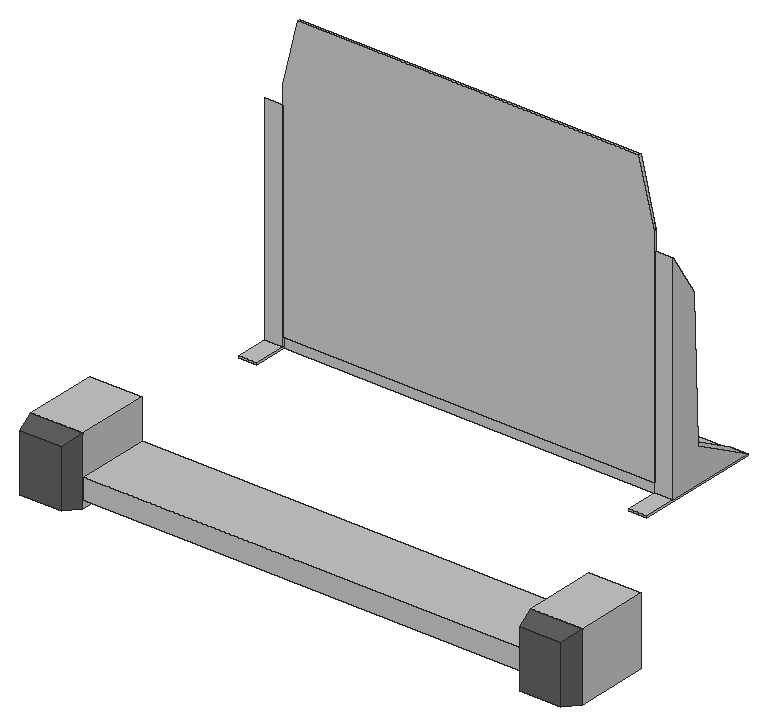
Revit family "Levelers_Kelley_LoadHog", category Generic Models, host Floor, Revit 2026
Family settings
  Host = Floor
  Can host rebar = No
  Round Connector Dimension = Use Diameter
  Part Type = Normal
  Always vertical = Yes
  Cut with Voids When Loaded = No
  Maintain Annotation Orientation = No
  Shared = No
  Room Calculation Point = No
Parameters (values of type "6'")
  Width = 5' - 11 1/2"
  URL = "www.theloadhog.com"
  Model = "LoadHog"
  Manufacturer = "Entrematic"
  Description = "Vertical Stored Dock Board"
  Default Elevation = 0' - 0"
Types (4): name | Width
  (no name) | 5' - 11 1/2"
  6' | 5' - 11 1/2"
  6.5' | 6' - 5 1/2"
  7' | 6' - 11 1/4"
Reference planes (in)
  plane 1 "Center (Front/Back)": y = 0
  plane 2: z = 0
  plane 3 "Center (Left/Right)": x = 0
  plane 4 "Edge Of Dock": y = -60
  plane 5: y = -41.4375
  plane 6: x = -43
  plane 7: x = -53
  plane 8: x = 43
  plane 9: x = 53
  plane 10: z = -13
  plane 11: y = -74
  plane 12: z = -7.5
  plane 13: z = -11.5
  plane 14: x = -44
  plane 15: z = -1
  plane 16: z = -12
  plane 17: x = -52
  plane 18: y = -78
  plane 19: x = 44
  plane 20: z = -1
  plane 21: z = -12
  plane 22: x = 52
  plane 23: x = -39.25
  plane 24: x = -35.75
  plane 25: x = 39.25
  plane 26: x = 35.75
  plane 27: y = -17.1875
  plane 28: y = -35.1875
  plane 29: y = -34.8125
  plane 30: z = 2
  plane 31: z = 41.5
  plane 32: z = 45.5
  plane 33: z = 57.5
  plane 34: x = -32.75
  plane 35: x = 32.75
  plane 36: z = 0.375
  plane 37: z = 42
  plane 38: z = 34
  plane 39: y = -30.1875
  plane 40: y = -29.1875
  plane 41: z = 7
  plane 42: through (180, -17.1875, 0.375) normal (0, -0.4833, -0.8754)
  plane 43: through (180, -29.1875, 7) normal (0, -0.9993, -0.037)
  plane 44: through (180, -35.1875, 42) normal (0, 0.848, 0.53)
Forms (in)
  Extrusion 1, solid, material "Serco Gray"
    sketch origin (0, 0, 0) x (1, 0, 0) y (0, 0, 1)
      loop
        line (-53, 0) -> (-53, -13) -> (-43, -13) -> (-43, 0) -> (-53, 0)
      loop
        line (43, 0) -> (43, -13) -> (53, -13) -> (53, 0) -> (43, 0)
    from 60 to 74
  Extrusion 2, solid, material "Serco Diamond"
    sketch origin (0, 0, 0) x (1, 0, 0) y (0, 0, 1)
      loop
        line (-43, -7.5) -> (-43, -11.5) -> (43, -11.5) -> (43, -7.5) -> (-43, -7.5)
    from 60 to 74
  Blend 3, solid, material "Bumper"
    base sketch origin (0, 0, 0) x (1, 0, 0) y (0, 0, 1)
      loop
        line (-53, 0) -> (-53, -13) -> (-43, -13) -> (-43, 0) -> (-53, 0)
    top sketch origin (0, 0, 0) x (1, 0, 0) y (0, 0, 1)
      loop
        line (-52, -1) -> (-52, -12) -> (-44, -12) -> (-44, -1) -> (-52, -1)
    from 74 to 78
  Blend 4, solid, material "Bumper"
    base sketch origin (0, 0, 0) x (-1, 0, 0) y (0, 0, -1)
      loop
        line (-53, 0) -> (-43, 0) -> (-43, 13) -> (-53, 13) -> (-53, 0)
    top sketch origin (0, 0, 0) x (-1, 0, 0) y (0, 0, -1)
      loop
        line (-52, 1) -> (-44, 1) -> (-44, 12) -> (-52, 12) -> (-52, 1)
    from 74 to 78
  Extrusion 5, solid, material "Serco Gray"
    sketch origin (0, 0, 0) x (1, 0, 0) y (0, 1, 0)
      loop
        line (-39.25, -17.1875) -> (-39.25, -41.4375) -> (-35.75, -41.4375) -> (-35.75, -17.1875) -> (-39.25, -17.1875)
      loop
        line (35.75, -17.1875) -> (35.75, -41.4375) -> (39.25, -41.4375) -> (39.25, -17.1875) -> (35.75, -17.1875)
    from 0 to 0.375
  Extrusion 6, solid, material "Serco Diamond"
    sketch origin (0, 0, 0) x (0, 1, 0) y (0, 0, 1)
      loop
        line (-34.8125, 2) -> (-34.8125, 0) -> (-17.1875, 0) -> (-34.8125, 2)
    from -35.75 to 35.75
  Extrusion 7, solid, material "Serco Diamond"
    sketch origin (0, 0, 0) x (1, 0, 0) y (0, 0, 1)
      loop
        line (-35.75, 2) -> (35.75, 2) -> (35.75, 45.5) -> (32.75, 57.5) -> (-32.75, 57.5) -> (-35.75, 45.5) -> (-35.75, 2)
    from 34.8125 to 35.1875
  Extrusion 8, solid, material "Serco Gray"
    sketch origin (0, 0, 0) x (0, 1, 0) y (0, 0, 1)
      loop
        line (-17.1875, 0.375) -> (-29.1875, 7) -> (-30.1875, 34) -> (-35.1875, 42) -> (-35.1875, 0.375) -> (-17.1875, 0.375)
    from 35.75 to 39.25
  Extrusion 9, solid, material "Serco Gray"
    sketch origin (0, 0, 0) x (0, 1, 0) y (0, 0, -1)
      loop
        line (-17.1875, -0.375) -> (-35.1875, -0.375) -> (-35.1875, -42) -> (-30.1875, -34) -> (-29.1875, -7) -> (-17.1875, -0.375)
    from 35.75 to 39.25
Lines and regions (in)
  model lines
    curve 1: line (35.75, -34.8125, 41.5) -> (-35.75, -34.8125, 41.5)
    curve 2: line (-35.75, -34.8125, 41.5) -> (35.75, -34.8125, 41.5)
    curve 3: line (-35.75, -35.1875, 41.5) -> (35.75, -35.1875, 41.5)
Dimensions and locks (in)
  equal spacing: host sketch curve, plane 1 "Center (Front/Back)", host sketch curve
  equal spacing: host sketch curve, plane 3 "Center (Left/Right)", host sketch curve
  host sketch curve to host sketch curve = 10' - 0"  (x2)
  locked: plane 5 to plane 4 "Edge Of Dock" at 18.5625
  equal spacing: plane 8, plane 3 "Center (Left/Right)", plane 6, locked at 43 each
  locked: plane 8 to plane 6 at 86
  locked: plane 10 to plane 2 at 13
  locked: plane 9 to plane 8 at 10
  locked: plane 7 to plane 6 at 10
  Extrusion 1 sketch curve to Extrusion 1 sketch curve = 0' - 10"
  plane 11 to plane 4 "Edge Of Dock" = 1' - 2"
  locked: level to plane 12 at 7.5
  locked: plane 12 to plane 13 at 4
  plane 17 to Extrusion 1 = 0' - 1"
  Extrusion 1 to plane 14 = 0' - 1"
  plane 16 to Extrusion 1 = 0' - 1"
  Extrusion 1 to plane 15 = 0' - 1"
  locked: plane 11 to plane 18 at 4
  equal spacing: plane 24, plane 3 "Center (Left/Right)", plane 26
  "Width": plane 24 to plane 26
  locked: plane 26 to plane 25 at 3.5
  locked: plane 23 to plane 24 at 3.5
  locked: plane 27 to plane 5 at 24.25
  locked: plane 5 to plane 28 at 6.25
  locked: plane 28 to plane 29 at 0.375
  locked: plane 30 to plane 2 at 2
  plane 30 to plane 31 to plane 32 = 3' - 3 1/2" locked, 0' - 4" locked
  locked: plane 32 to plane 33 at 12
  locked: plane 24 to plane 34 at 3
  locked: plane 35 to plane 26 at 3
  locked: plane 36 to Extrusion 5 at 0.375
  locked: plane 37 to plane 38 at 8
  locked: plane 38 to level at 34
  plane 39 to plane 40 to plane 27 = 0' - 1" locked, 1' - 0" locked
  locked: plane 41 to level at 7
  locked: plane 42 to plane 30 (angle 28.9024°)
  locked: plane 40 to plane 43 (angle 2.1211°)
  locked: plane 44 to plane 37 (angle 57.9946°)
  aligned and locked: level to plane 2
  aligned and locked: plane 4 "Edge Of Dock" to host floor
  aligned and locked: Extrusion 1 sketch curve to level  (x2)
  aligned and locked: plane 7 to Extrusion 1 sketch curve
  aligned and locked: plane 10 to Extrusion 1 sketch curve  (x2)
  aligned and locked: Extrusion 1 sketch curve to plane 6
  aligned and locked: plane 8 to Extrusion 1 sketch curve
  aligned and locked: plane 4 "Edge Of Dock" to Extrusion 1
  aligned and locked: Extrusion 1 to plane 11
  aligned and locked: Extrusion 2 sketch curve to plane 12
  aligned and locked: plane 6 to Extrusion 2 sketch curve
  aligned and locked: plane 13 to Extrusion 2 sketch curve
  aligned and locked: Extrusion 2 sketch curve to plane 8
  aligned and locked: Extrusion 2 to plane 11
  aligned and locked: plane 4 "Edge Of Dock" to Extrusion 2
  aligned and locked: plane 7 to Blend 3 sketch curve
  aligned and locked: Blend 3 sketch curve to plane 15
  aligned and locked: Blend 3 sketch curve to plane 14
  aligned and locked: plane 16 to Blend 3 sketch curve
  aligned and locked: plane 17 to Blend 3 sketch curve
  aligned and locked: plane 11 to Blend 3
  aligned and locked: Blend 3 to plane 18
  aligned and locked: plane 20 to Blend 4 sketch curve
  aligned and locked: plane 19 to Blend 4 sketch curve
  aligned and locked: Blend 4 sketch curve to plane 21
  aligned and locked: Blend 4 sketch curve to plane 22
  aligned and locked: plane 11 to Blend 4
  aligned and locked: Blend 4 to plane 18
  aligned and locked: plane 8 to Blend 4
  aligned and locked: Extrusion 5 sketch curve to plane 27  (x2)
  aligned and locked: Extrusion 5 sketch curve to plane 23
  aligned and locked: plane 5 to Extrusion 5 sketch curve  (x2)
  aligned and locked: Extrusion 5 sketch curve to plane 24
  aligned and locked: Extrusion 5 sketch curve to plane 26
  aligned and locked: plane 25 to Extrusion 5 sketch curve
  aligned and locked: plane 29 to Extrusion 6 sketch curve
  aligned and locked: Extrusion 6 to plane 24
  aligned and locked: Extrusion 6 to plane 26
  aligned and locked: Extrusion 6 to plane 27
  aligned and locked: Extrusion 7 sketch curve to plane 30
  aligned and locked: Extrusion 7 sketch curve to plane 24
  aligned and locked: plane 26 to Extrusion 7 sketch curve
  aligned and locked: Extrusion 7 sketch curve to plane 33
  aligned and locked: Extrusion 7 sketch curve to plane 34
  aligned and locked: plane 35 to Extrusion 7 sketch curve
  aligned and locked: Extrusion 7 to plane 29
  aligned and locked: curve 1 to plane 31
  aligned and locked: curve 3 to plane 31
  aligned and locked: Extrusion 6 sketch curve to level
  aligned and locked: Extrusion 5 to level
  aligned and locked: Extrusion 5 to plane 36
  aligned and locked: Extrusion 7 to plane 28
  aligned and locked: Extrusion 8 to plane 25
  aligned and locked: plane 26 to Extrusion 8
  aligned and locked: plane 24 to Extrusion 9
  aligned and locked: Extrusion 9 to plane 23
  aligned and locked: plane 44 to Extrusion 9
  aligned and locked: Extrusion 9 to plane 28
  aligned and locked: Extrusion 9 to plane 43
  aligned and locked: Extrusion 9 to plane 42
  aligned and locked: Extrusion 9 to plane 36
  aligned and locked: Extrusion 8 to plane 36  (x2)
  aligned and locked: Extrusion 8 to plane 28
  aligned and locked: Extrusion 8 to plane 44
  aligned and locked: Extrusion 8 to plane 43
  aligned and locked: Extrusion 8 to plane 42
  aligned and locked: Blend 3 to Blend 4
Automatic sketch dimensions
  Blend 4 sketch curve to plane 9 = 0' - 0"
  Blend 4 sketch curve to plane 8 = 0' - 0"
  Blend 4 sketch curve to plane 10 = 0' - 0"
  Blend 4 sketch curve to level = 0' - 0"
  Extrusion 6 sketch curve to plane 27 = 0' - 0"
  Extrusion 6 sketch curve to plane 30 = 0' - 0"
  Extrusion 7 sketch curve to plane 32 = 0' - 0"  (x2)
  curve 1 to plane 24 = 0' - 0"
  plane 26 to curve 2 = 0' - 0"
  curve 3 to plane 24 = 0' - 0"
  plane 26 to curve 3 = 0' - 0"
  Extrusion 9 sketch curve to plane 28 = 0' - 0"
  Extrusion 9 sketch curve to plane 38 = 0' - 0"
  Extrusion 9 sketch curve to plane 39 = 0' - 0"
  Extrusion 9 sketch curve to plane 40 = 0' - 0"
  Extrusion 9 sketch curve to plane 27 = 0' - 0"
  Extrusion 9 sketch curve to plane 37 = 0' - 0"
  Extrusion 9 sketch curve to plane 41 = 0' - 0"
  Extrusion 9 sketch curve to plane 36 = 0' - 0"
  Extrusion 8 sketch curve to plane 38 = 0' - 0"
  Extrusion 8 sketch curve to plane 37 = 0' - 0"
  Extrusion 8 sketch curve to plane 28 = 0' - 0"
  Extrusion 8 sketch curve to plane 27 = 0' - 0"
  Extrusion 8 sketch curve to plane 40 = 0' - 0"
  Extrusion 8 sketch curve to plane 36 = 0' - 0"
  Extrusion 8 sketch curve to plane 39 = 0' - 0"
  Extrusion 8 sketch curve to plane 41 = 0' - 0"
  Blend 3 sketch curve to plane 6 = 0' - 0"
  Blend 3 sketch curve to plane 10 = 0' - 0"
  Blend 3 sketch curve to level = 0' - 0"
